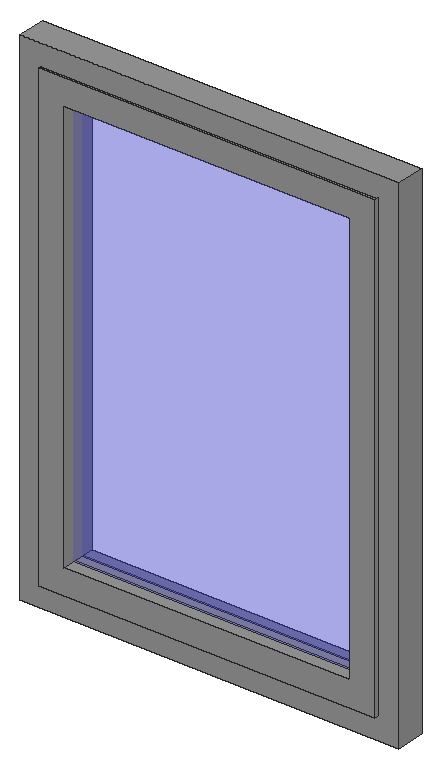
Revit family "Family6", category Windows, host Wall, Revit 2018
Family settings
  Host = Wall
  OmniClass Number = 23.30.20.00
  OmniClass Title = Windows
  Always vertical = Yes
  Cut with Voids When Loaded = No
  Shared = No
  Room Calculation Point = No
Parameters
  Visual Light Transmittance = 0.81
  URL = "www.skywardwindows.co.za"
  Thermal Resistance (R) = 0.3196 (m²·K)/W
  Telephone = "021 276 1800"
  Solar Heat Gain Coefficient = 0.76
  Window = Window
  Manufacturer = "Skyward Windows"
  Height = 1190 mm
  Heat Transfer Coefficient (U) = 3.1292 W/(m²·K)
  Glass Thickness = 4 mm
  Glass = Glass
  Email Address = "info@skywardwindows.co.za"
  Default Sill Height = 800 mm
  Wall Closure = By host
  Width = 890 mm
  Company Address = "Charles Matthews Street Atlantis 7349"
  Analytic Construction = "Double glazing - domestic"
Reference planes
  plane 1 "Center (Front/Back)": y = 0
  plane 2 "Center (Left/Right)": x = 0
  plane 3 "Left": x = -445
  plane 4 "Right": x = 445
  plane 5 "Sill": z = 800
  plane 6 "Head": z = 1990
  plane 7 "Exterior": y = 100
  plane 8 "Interior": y = -100
Forms (mm)
  Extrusion 1, solid, material "Window" <- "Window"
    sketch origin (0, -100, 0) x (1, 0, 0) y (0, 0, 1)
      loop
        line (-445, 1990) -> (-445, 800) -> (445, 800) -> (445, 1990) -> (-445, 1990)
      loop
        line (-395, 850) -> (395, 850) -> (395, 1940) -> (-395, 1940) -> (-395, 850)
    from -133.481 to -65.429
  Extrusion 2, solid, material "Window" <- "Window"
    sketch origin (0, -100, 0) x (1, 0, 0) y (0, 0, 1)
      loop
        line (-395, 1940) -> (-395, 850) -> (395, 850) -> (395, 1940) -> (-395, 1940)
      loop
        line (-336, 909) -> (336, 909) -> (336, 1881) -> (-336, 1881) -> (-336, 909)
    from -142 to -58
  Extrusion 3, solid, material "Glass" <- "Glass"
    sketch origin (0, 0, 0) x (1, 0, 0) y (0, 1, 0)
      loop
        line (-336, 14) -> (-336, 10) -> (336, 10) -> (336, 14) -> (-336, 14)
      loop
        line (336, -10) -> (-336, -10) -> (-336, -14) -> (336, -14) -> (336, -10)
    from 909 to 1881
Lines and regions (mm)
  Opening 1
    outline origin (3500, -100, 0) x (1, 0, 0) y (0, 0, 1)
      loop
        line (-3055, 800) -> (-3055, 1990) -> (-3945, 1990) -> (-3945, 800) -> (-3055, 800)
Text (mm)
  text "EXTERIOR" at (-1963.203, 1332.353, 0), in view "Ref. Level"
  text "INTERIOR" at (-1981.466, -818.386, 0), in view "Ref. Level"
  text "Exterior" at (0, 923.751, 2943.296), in view "Right"
  text "Exterior" at (0, 1040.484, 2685.409), in view "Left"
Dimensions and locks
  equal spacing: plane 3 "Left", plane 2 "Center (Left/Right)", plane 4 "Right"
  "Width": plane 3 "Left" to plane 4 "Right"
  "Height": plane 5 "Sill" to plane 6 "Head"
  "Default Sill Height": plane 5 "Sill" to level
  locked: plane 7 "Exterior" to host wall at 0
  locked: plane 8 "Interior" to host wall
  "Glass Thickness": Extrusion 3 to Extrusion 3  (x2)
  aligned and locked: Extrusion 1 sketch curve to host wall  (x4)
Automatic sketch dimensions
  Opening 1 sketch curve to plane 3 "Left" = 0 mm
  Opening 1 sketch curve to plane 4 "Right" = 0 mm
  Opening 1 sketch curve to plane 5 "Sill" = 0 mm
  Opening 1 sketch curve to plane 6 "Head" = 0 mm
  Extrusion 1 sketch curve to plane 3 "Left" = 50 mm
  plane 4 "Right" to Extrusion 1 sketch curve = 50 mm
  Extrusion 1 sketch curve to plane 5 "Sill" = 50 mm
  plane 6 "Head" to Extrusion 1 sketch curve = 50 mm
  Extrusion 2 sketch curve to plane 3 "Left" = 50 mm
  Extrusion 2 sketch curve to Extrusion 2 sketch curve = 59 mm  (x3)
  plane 4 "Right" to Extrusion 2 sketch curve = 50 mm
  Extrusion 2 sketch curve to plane 5 "Sill" = 50 mm
  plane 6 "Head" to Extrusion 2 sketch curve = 109 mm
  plane 6 "Head" to Extrusion 2 sketch curve = 50 mm
  Extrusion 3 sketch curve to host wall = 14 mm
  Extrusion 3 sketch curve to plane 3 "Left" = 109 mm
  host wall to Extrusion 3 sketch curve = 10 mm
  Extrusion 3 sketch curve to Extrusion 3 sketch curve = 0 mm  (x2)
  plane 4 "Right" to Extrusion 3 sketch curve = 109 mm
  Extrusion 3 sketch curve to Extrusion 3 sketch curve = 4 mm  (x2)
